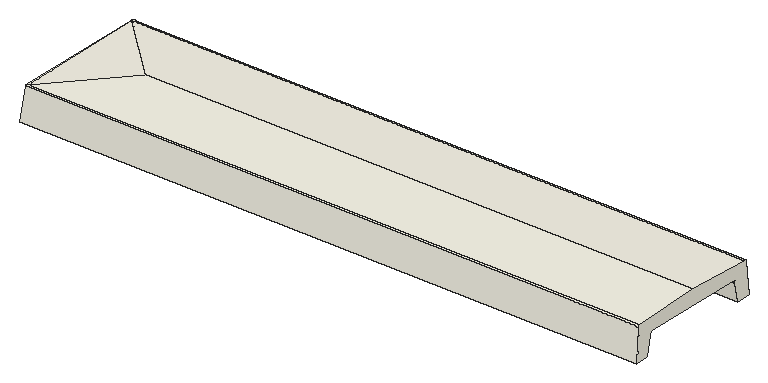
Revit family "Albardilla MA remate.C-1", category Modelos genéricos, Revit 2020
Family settings
  Puede alojar armadura = No
  Cota de conector redondo = Diámetro de uso
  Tipo de pieza = Normal
  Se basa en plano de trabajo = No
  Siempre vertical = No
  Corte con vacíos al cargar = No
  Compartido = No
  Punto de cálculo de habitación = No
Parameters (values of type "A12T")
  Mitad = Ancho total / 2  # 85 mm
  Longitud vaciado = if(Ancho > 250 mm, 485 mm, 735 mm)  # 735 mm
  Descripción = "Pieza de hormigón polímero con anclaje de acero inoxidable."
  URL = "https://www.ulmaarchitectural.com/es-es"
  Nº filas anclajes [instance] = 2  # constant formula
  Modelo = "Albardilla MA12 remate"
  Material = Hormigón polímero STONEO. Color C-1
  Longitud real [instance] = if(Ancho > 250 mm, 500 mm, 750 mm)  # 750 mm
  Fabricante = "ULMA Architectural Solutions"
  Elevación por defecto = 0 mm
  Dist. entre anclajes [instance] = if(Longitud real < 700 mm, 280 mm, 470 mm)  # 470 mm
  Dist primer anclaje [instance] = if(Longitud real < 700 mm, 125 mm, 150 mm)  # 150 mm
  Código de montaje = "A12T"
  Ancho vaciado = Ancho total - 32 mm  # 138 mm
  Ancho total = Ancho + 50 mm  # 170 mm
  Ancho doble = Ancho / 4  # 30 mm
  Ancho = 120 mm
  Altura = if(Ancho > 250 mm, 46 mm, 44 mm)  # 44 mm
Types (6, lengths in mm): name | Mitad | Modelo | Código de montaje | Ancho vaciado | Ancho total | Ancho doble | Ancho
  (no name) | 85 | "Albardilla MA12 remate" | "A12T" | 138 | 170 | 30 | 120
  A12T | 85 | "Albardilla MA12 remate" | "A12T" | 138 | 170 | 30 | 120
  A14T | 95 | "Albardilla MA14 remate" | "A14T" | 158 | 190 | 35 | 140
  A17T | 110 | "Albardilla MA17 remate" | "A17T" | 188 | 220 | 42.5 | 170
  A22T | 135 | "Albardilla MA22 remate" | "A22T" | 238 | 270 | 55 | 220
  A19T | 120 | "Albardilla MA19 remate" | "A19T" | 208 | 240 | 47.5 | 190
Reference planes
  plane 1 "Centro (Frontal/Posterior)": y = 0
  plane 2: z = 0
  plane 3 "Centro (Izquierda/Derecha)": x = 0
  plane 4: y = 30
  plane 5: y = -30
  plane 6: x = 85
Forms (mm)
  Extrusion 1, solid, material "Hormigón polímero STONEO. Color C-1" <- "Material"
    sketch origin (0, 0, 0) x (0, 1, 0) y (0, 0, 1)
      loop
        line (85, 0) -> (81.634, 38.468)
        arc (81.634, 38.468) -> (81.005, 39.757) -> (79.675, 40.294) r 2
        line (79.675, 40.294) -> (0, 44) -> (-79.696, 40.35)
        arc (-79.696, 40.35) -> (-80.95, 39.866) -> (-81.614, 38.698) r 2
        line (-81.614, 38.698) -> (-85, 0) -> (85, 0)
    from 0 to 750
  Extrusion 2, void
    sketch origin (0, 0, 0) x (1, 0, 0) y (0, 0, 1)
      loop
        line (0, 0) -> (3.372, 38.542)
        arc (3.372, 38.542) -> (3.986, 39.817) -> (5.289, 40.366) r 2
        line (5.289, 40.366) -> (85, 44) -> (85, 116) -> (-175, 116) -> (-175, 0) -> (0, 0)
    from -248.175 to 250
  Sweep 3, void
    path origin (0, 85, 0) x (-1, 0, 0) y (0, -1, 0)
      loop
        line (-750, 0) -> (-15, 0)
    profile origin (382.5, 85, 0) x (0, -1, 0) y (0, 0, 1)
      loop
        line (154, 0) -> (150.144, 21.868)
        arc (150.144, 21.868) -> (148.434, 24.83) -> (145.22, 26) r 5
        line (145.22, 26) -> (24.78, 26)
        arc (24.78, 26) -> (21.566, 24.83) -> (19.856, 21.868) r 5
        line (19.856, 21.868) -> (16, 0) -> (154, 0)
Cuts and joins
  Extrusion 2, Sweep 3 cuts Extrusion 1
Dimensions and locks
  "Longitud real": Extrusion 1 to Extrusion 1
  group 1 to group 2 = 470 mm
  group 1 to group 2 = 0 mm  (x2)
  "Ancho doble": plane 4 to plane 1 "Centro (Frontal/Posterior)" to plane 5
  Extrusion 1 sketch curve to level = 40.294 mm
  "Dist. entre anclajes": nested 1 to nested 2
  "Dist primer anclaje": Extrusion 1 to nested 1
  "Mitad": plane 6 to plane 3 "Centro (Izquierda/Derecha)"
  Extrusion 2 sketch curve to level = 116 mm
  Extrusion 2 sketch curve to plane 6 = 260 mm
  "Altura": Extrusion 1 sketch curve to level
  "Ancho total": Extrusion 1 sketch curve to Extrusion 1 sketch curve
  equal spacing: Extrusion 1 sketch curve, plane 1 "Centro (Frontal/Posterior)", Extrusion 1 sketch curve
  Extrusion 1 sketch curve to level = 40.35 mm
  "Altura": Extrusion 2 sketch curve to cut or joined group of Extrusion 1, Extrusion 2, Sweep 3
  Extrusion 2 sketch curve to Extrusion 2 sketch curve = 40.366 mm
  "Longitud vaciado": Sweep 3 sketch curve to cut or joined group of Extrusion 1, Extrusion 2, Sweep 3
  cut or joined group of Extrusion 1, Extrusion 2, Sweep 3 to Sweep 3 sketch curve = 26 mm
  "Ancho vaciado": Sweep 3 sketch curve to Sweep 3 sketch curve
  equal spacing: Sweep 3 sketch curve, plane 1 "Centro (Frontal/Posterior)", Sweep 3 sketch curve
  radius of Extrusion 1 sketch curve = 2 mm
  radius of Extrusion 2 sketch curve = 2 mm
  radius of Sweep 3 sketch curve = 5 mm  (x2)
  angle level to Extrusion 2 sketch curve = 85.00°
  angle Sweep 3 sketch curve to cut or joined group of Extrusion 1, Extrusion 2, Sweep 3 = 100.00°
  angle Sweep 3 sketch curve to cut or joined group of Extrusion 1, Extrusion 2, Sweep 3 = 80.00°
  aligned and locked: level to plane 2
  aligned and locked: level to Extrusion 1 sketch curve
  aligned and locked: nested 1 to plane 1 "Centro (Frontal/Posterior)"
  aligned and locked: plane 3 "Centro (Izquierda/Derecha)" to cut or joined group of Extrusion 1, Extrusion 2, Sweep 3
  aligned and locked: Sweep 3 sketch curve to profile plane
  aligned and locked: cut or joined group of Extrusion 1, Extrusion 2, Sweep 3 to nested 2
  aligned and locked: cut or joined group of Extrusion 1, Extrusion 2, Sweep 3 to nested 1
Automatic sketch dimensions
  Extrusion 1 sketch curve to plane 1 "Centro (Frontal/Posterior)" = 0 mm
  Extrusion 1 sketch curve to Extrusion 1 sketch curve = 3.386 mm
  Extrusion 1 sketch curve to Extrusion 1 sketch curve = 1.918 mm
  Extrusion 1 sketch curve to Extrusion 1 sketch curve = 0.052 mm
  Extrusion 1 sketch curve to Extrusion 1 sketch curve = 5.358 mm
  Extrusion 1 sketch curve to Extrusion 1 sketch curve = 0.033 mm
  level to Extrusion 1 sketch curve = 38.468 mm
  Extrusion 1 sketch curve to Extrusion 1 sketch curve = 1.999 mm
  Extrusion 2 sketch curve to level = 0 mm
  Extrusion 2 sketch curve to plane 3 "Centro (Izquierda/Derecha)" = 0 mm
  Extrusion 2 sketch curve to plane 6 = 0 mm
  plane 3 "Centro (Izquierda/Derecha)" to Extrusion 2 sketch curve = 3.372 mm
  Extrusion 2 sketch curve to Extrusion 2 sketch curve = 1.917 mm
  Sweep 3 sketch curve to Extrusion 1 = 0 mm
  Extrusion 1 to Sweep 3 sketch curve = 0 mm
  Sweep 3 sketch curve to Sweep 3 sketch curve = 0.868 mm  (x2)
Nested families
  nested 1: "Anclaje inoxidable tapas (150x100)" at (150, 0, 26) x (0, 1, 0) z (0, 0, 1), type "Anclaje inoxidable tapas (150x100)"
  nested 2: "Anclaje inoxidable tapas (150x100)" at (620, 0, 26) x (0, 1, 0) z (0, 0, 1), type "Anclaje inoxidable tapas (150x100)"
Definition of nested family "Anclaje inoxidable tapas (150x100)"
  Parameters (values of type "Anclaje inoxidable tapas (150x100)")
    URL = "https://www.ulmaarchitectural.com/es-es"
    Model = "Sujeción anclaje inoxidable tapas (150x100) SPE"
    Material = none
    Manufacturer = "ULMA"
    Default Elevation = 0 mm
    Assembly Code = "901250015"
  Reference planes
    plane 1 "Centro (Frontal/Posterior)": y = 0
    plane 2: z = 0
    plane 3 "Centro (Izquierda/Derecha)": x = 0
  Dimensions and locks
    aligned and locked: level to plane 2
    aligned and locked: level to import instance
